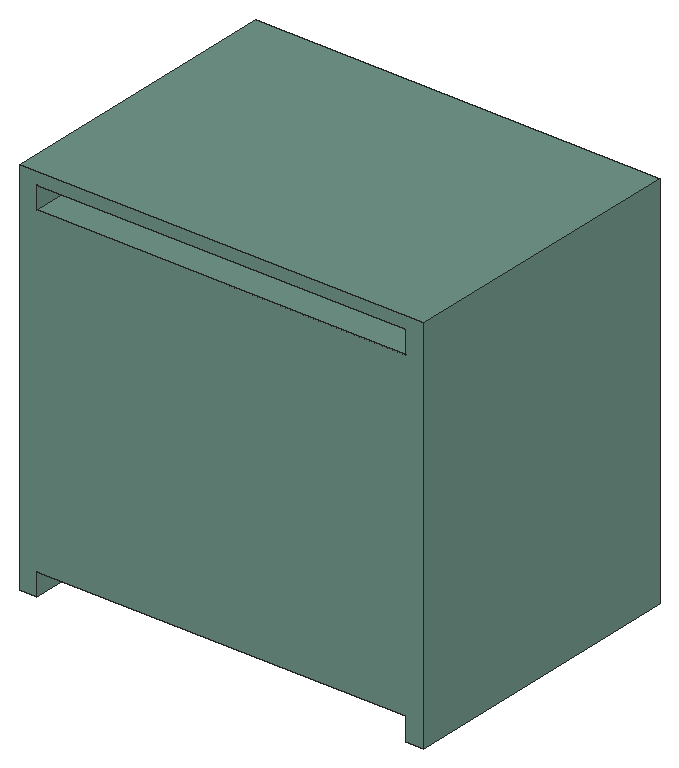
Revit family "261200 - Medium-Voltage Transformers - Generic", category Electrical Equipment, Revit 2019
Family settings
  Round Connector Dimension = Use Diameter
  Part Type = Transformer
  OmniClass Number = 23.80.10.14.11
  OmniClass Title = Power Transformers
  Work Plane-Based = No
  Always vertical = Yes
  Cut with Voids When Loaded = No
  Shared = No
  Room Calculation Point = No
Parameters (values of type "small")
  clearance = 3' - 0"
  Width = 5' - 11"
  Weight = "5500"
  Wattage = "DO NOT USE"  # constant formula
  Voltage = "DO NOT USE"  # constant formula
  URL = "http://www.usa.siemens.com/ce"
  Transformer Material = "Aluminum"
  Text Material = Paint- Siemens - Dark
  Product Page URL = "http://www.sea.siemens.com/us/Products/PowerDistribution/Product/Transformers/Pages/Transformers.aspx"
  Product Documentation Link = "http://www.sea.siemens.com/us/internet-dms/Internet/ConsultingEngineersComm/General/Docs/drytrans.pdf"
  Primary Voltage = 480 V
  Power Factor = 1
  Model = "3F3Y015K13TP1"
  Manufacturer = "Siemens Industry"  # constant formula
  KVA = "750"
  K Factor = "13"
  Height = 5' - 7"
  Has Not Contacted Siemens For Configuration [instance] = not(Contacted Siemens For Configuration)  # no
  Frame Material = ELECTRICAL TRANSFORMER
  Description = "Transformer"
  Depth = 4' - 4"
  Deg Rise = "150"
  Copyright © = "© Siemens Industry, Inc. 2011"  # constant formula
  Contacted Siemens For Configuration [instance] = yes
  CTRL Connector Description = "Equipment Power"  # constant formula
  BOM URL [instance] = ""
  Assembly Code = "D5090900"
  Apparent Load [instance] = 0 VA
Types (2): name | Width | Height | Depth
  small | 5' - 11" | 5' - 7" | 4' - 4"
  large | 4' - 0" | 6' - 1" | 4' - 9 1/2"
Reference planes (in)
  plane 1 "Center (Front/Back)": y = 0
  plane 2 "Bottom": z = 0
  plane 3 "Center (Left/Right)": x = 0
  plane 4 "Top": z = 67
  plane 5 "Left": x = -35.5
  plane 6 "Right": x = 35.5
  plane 7 "Back": y = 26
  plane 8 "Front": y = -26
  plane 9 "Center (Elevation)": z = 33.5
  plane 10 "Top Offset": z = 65
  plane 11 "Left Leg Interior": x = -32.5
  plane 12 "Right Leg Interior": x = 32.5
  plane 13 "Bottom Opening": z = 61
  plane 14 "Bottom Offset": z = 4
Forms (in)
  Extrusion 1, solid, material "ELECTRICAL TRANSFORMER" <- "Frame Material", detail levels medium+fine
    sketch origin (0, 0, 0) x (1, 0, 0) y (0, 0, 1)
      loop
        line (-35.5, 67) -> (-35.5, 0) -> (-32.5, 0) -> (-32.5, 4) -> (32.5, 4) -> (32.5, 0) -> (35.5, 0) -> (35.5, 67) -> (-35.5, 67)
      loop
        line (-32.5, 65) -> (-32.5, 61) -> (32.5, 61) -> (32.5, 65) -> (-32.5, 65)
    from -26 to 26
Lines and regions (in)
  symbolic lines, style "Clearances", not visible, detail levels medium+fine
    curve 1: line (-71.5, 62, 0) -> (71.5, 62, 0)
    curve 2: line (-71.5, -62, 0) -> (-71.5, 62, 0)
    curve 3: line (71.5, -62, 0) -> (-71.5, -62, 0)
    curve 4: line (71.5, 62, 0) -> (71.5, -62, 0)
Dimensions and locks (in)
  equal spacing: plane 5 "Left", plane 3 "Center (Left/Right)", plane 6 "Right"
  "Width": plane 5 "Left" to plane 6 "Right"
  equal spacing: plane 7 "Back", plane 1 "Center (Front/Back)", plane 8 "Front"
  "Depth": plane 7 "Back" to plane 8 "Front"
  equal spacing: plane 4 "Top", plane 9 "Center (Elevation)", plane 2 "Bottom"
  "Height": plane 4 "Top" to plane 2 "Bottom"
  locked: plane 4 "Top" to plane 10 "Top Offset" at 2
  locked: plane 10 "Top Offset" to plane 13 "Bottom Opening" at 4
  locked: plane 5 "Left" to plane 11 "Left Leg Interior" at 3
  locked: plane 6 "Right" to plane 12 "Right Leg Interior" at 3
  locked: plane 14 "Bottom Offset" to plane 2 "Bottom" at 4
  "clearance": plane 6 "Right" to curve 4
  "clearance": curve 1 to plane 7 "Back"
  "clearance": curve 2 to plane 5 "Left"
  "clearance": plane 8 "Front" to curve 3
  aligned and locked: Extrusion 1 sketch curve to plane 10 "Top Offset"
  aligned and locked: Extrusion 1 sketch curve to plane 11 "Left Leg Interior"
  aligned and locked: Extrusion 1 sketch curve to plane 12 "Right Leg Interior"
  aligned and locked: plane 13 "Bottom Opening" to Extrusion 1 sketch curve
  aligned and locked: Extrusion 1 sketch curve to plane 5 "Left"
  aligned and locked: plane 2 "Bottom" to Extrusion 1 sketch curve  (x2)
  aligned and locked: plane 11 "Left Leg Interior" to Extrusion 1 sketch curve
  aligned and locked: plane 14 "Bottom Offset" to Extrusion 1 sketch curve
  aligned and locked: plane 12 "Right Leg Interior" to Extrusion 1 sketch curve
  aligned and locked: plane 6 "Right" to Extrusion 1 sketch curve
  aligned and locked: Extrusion 1 sketch curve to plane 4 "Top"
  aligned and locked: plane 7 "Back" to Extrusion 1
  aligned and locked: Extrusion 1 to plane 8 "Front"
  aligned and locked: Extrusion 1 to plane 10 "Top Offset"
  aligned and locked: Extrusion 1 to plane 12 "Right Leg Interior"
  aligned and locked: plane 13 "Bottom Opening" to Extrusion 1
  aligned and locked: Extrusion 1 to plane 11 "Left Leg Interior"
Connectors (in)
  electrical at (0, 26, 17.75), driven by "Power Factor", driven by "Primary Voltage", driven by "CTRL Connector Description", driven by "Apparent Load"
    settings: on Extrusion 1, index 1, voltage 480 V, apparent load 0 VA, apparent load phase1 0 VA, apparent load phase2 0 VA, apparent load phase3 0 VA, power factor 1, load classification "Power", number of poles 3, system type 31, power factor state 1, is connector primary yes, connector utility no, sub classification motor no, connector description "Equipment Power"
